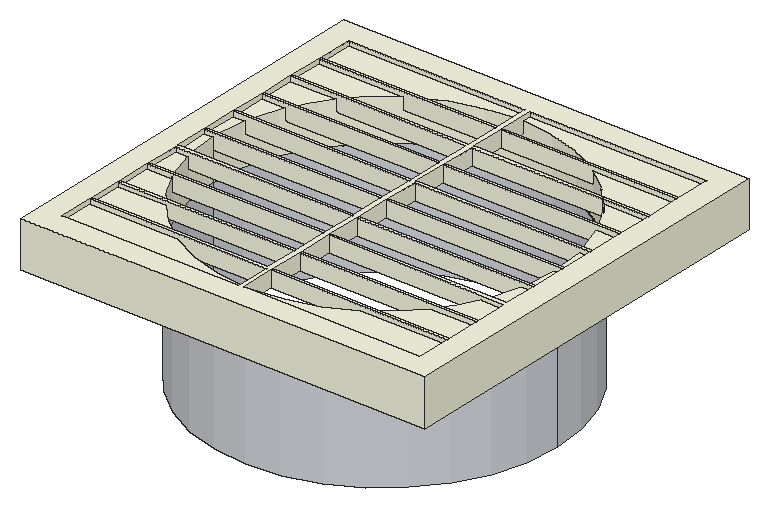
Revit family "CADS_AIRFLOWdev_AirTerminal_SquareExternalGrille_Exhaust", category Air Terminals, host Face, Revit 2015
Parameters (values of type "180 x 180 x 150mm Dia - Beige")
  WorkExecutionLevel = "N/A"
  WeeklyMaintenance = "N/A"
  WarrantyStartDate [instance] = "N/A"
  WarrantyPeriod = "2"
  WarrantyIdentifier = "N/A"
  WarrantyGuarantorParts = "info@airflow.com"
  WarrantyGuarantorLabor = "info@airflow.com"
  WarrantyGuarantor = "Airflow Developments Ltd"
  WarrantyEndDate [instance] = "N/A"
  WarrantyContent = "Replacement of part if faulty"
  Uniclass2015 = "Pr_65_70_46_01"
  TotalSurfaceArea [instance] = 0.0324 m²
  TagNumber [instance] = "N/A"
  Status [instance] = "New"
  Size = "48 x 180 x 180"
  ShippingWeight = 0.018 kg
  Shape = "Rectangular"
  ServiceLifeType = "EXPECTEDSERVICELIFE"
  ServiceLifeDuration = "10"
  SerialNumber [instance] = "N/A"
  ReplacementCost = "9.528"
  QuarterlyMaintenance = "N/A"
  QualityOfComponents = "N/A"
  ProductionYear = "2017"
  ProductLiterature = "N/A"
  PointOfContact = "Airflow Developments Ltd"
  Perimeter [instance] = 720 mm
  OutdoorEnviornment = "N/A"
  OperationAndMaintenanceManual = "N/A"
  NumberOfSlots = 20
  NominalWidth = 180 mm
  NominalLength = 48 mm
  NominalHeight = 180 mm
  NBSCode = "90-75-50/370 Air terminals;"
  MountingType = "SURFACE"
  MonthlyMaintenance = "N/A"
  ModelReference = "52641110"
  ModelLabel = "180 x 180 x 150mm dia. Fixed Grille (Beige)"
  MeanTimeBetweenFailure = "N/A"
  Material = "Plastic"
  ManufacturerWebsite = "www.airflow.com"
  ManufacturerTelephone = "01494 525252"
  ManufacturerE-Mail = "info@airflow.com"
  ManufacturerAddress = "Aidelle House\nLancaster Road\nCressex Business Park\nHigh Wycombe\nBucks\nHP123QP"
  Manufacturer = "Airflow Developments Ltd"
  MaintenanceRequired8001to12000hrs = "N/A"
  MaintenanceRequired601to1000hrs = "N/A"
  MaintenanceRequired4001to8000hrs = "N/A"
  MaintenanceRequired301to600hrs = "N/A"
  MaintenanceRequired2001to4000hrs = "N/A"
  MaintenanceRequired1001to2000hrs = "N/A"
  MaintenanceRequired0to300hrs = "N/A"
  MaintenanceLevel = "N/A"
  IsExtendedWarranty = no
  IndoorEnviornment = "N/A"
  InUseConditions = "N/A"
  ISO90001 = yes
  ISO140001 = yes
  HasThermalInsulation = no
  HasSoundAttenuator = no
  HasIntegralControl = no
  GrossWeight = 0.015 kg
  Grade = "Virgin"
  GlobalTradeItemNumber = "N/A"
  Fly_Screen = no
  FlowControlType = "NONE"
  Flow [instance] = 0.0 L/s
  Finish = "Matte"
  Features [instance] = "180 x 180 x 150mm dia. Fixed Grille (Beige)"
  FaceType = "LOUVERED"
  External_Grille = CADS_AirFlow_Beige
  Exclusions = "Incorrect Use / Incorrect Installation / Installed by a non-accredited electrician. Customer abuse."
  Dv = D - 2 mm  # 148 mm
  DurationUnit = "Years"
  DesignLevel = "N/A"
  Description = "180 x 180 x 150mm dia. Fixed Grille (Beige)"
  Default Elevation = 1219.2 mm
  DailyMaintenance = "N/A"
  D = 150 mm
  Constituents = "Beige"
  Color = "Beige"
  CodePerformance = "N/A"
  CEApproval = yes
  BespokeTimeFrameMaintenance = "N/A"
  B = 20 mm
  AssetType = "Fixed"
  AssetIdentifier [instance] = "N/A"
  AssemblyPlace = "N/A"
  AnnualMaintenance = "N/A"
  AirflowRateRange = "0-61"
  AccessibilityPerformance = "N/A"
  A = 175 mm
  6MonthlyMaintenance = "Visually inspect system, clean the fan and ducting if necessary"
Types (17, lengths in mm): name | TotalSurfaceArea | Size | ShippingWeight | ReplacementCost | Perimeter | NumberOfSlots | NominalWidth | NominalLength | NominalHeight | ModelReference | ModelLabel | GrossWeight | Fly_Screen | Features | External_Grille | Dv | Description | D | Constituents | Color | A
  (no name) | 0.0324 m² | "48 x 180 x 180" | 0.018 kg | "9.528" | 720 | 20 | 180 | 48 | 180 | "52641110" | "180 x 180 x 150mm dia. Fixed Grille (Beige)" | 0.015 kg | no | "180 x 180 x 150mm dia. Fixed Grille (Beige)" | CADS_AirFlow_Beige | 148 | "180 x 180 x 150mm dia. Fixed Grille (Beige)" | 150 | "Beige" | "Beige" | 175
  140 x 140 x 100mm Dia - White | 0.0196 m² | "46 x 140 x 140" | 0.012 kg | "4.752" | 560 | 20 | 140 | 46 | 140 | "52641101" | "140 x 140 x 100mm dia. Fixed Grille (White) No F/S" | 0.01 kg | no | "140 x 140 x 100mm dia. Fixed Grille (White) No F/S" | CADS_AirFlow_White | 98 | "140 x 140 x 100mm dia. Fixed Grille (White) No F/S" | 100 | "White" | "White" | 140
  140 x 140 x 100mm Dia -  Grey | 0.0196 m² | "46 x 140 x 140" | 0.012 kg | "4.752" | 560 | 20 | 140 | 46 | 140 | "52641102" | "140 x 140 x 100mm dia. Fixed Grille (Grey) No F/S" | 0.01 kg | no | "140 x 140 x 100mm dia. Fixed Grille (Grey) No F/S" | CADS_AirFlow_Grey | 98 | "140 x 140 x 100mm dia. Fixed Grille (Grey) No F/S" | 100 | "Grey" | "Grey" | 140
  140 x 140 x 100mm Dia - Terracotta | 0.0196 m² | "46 x 140 x 140" | 0.012 kg | "4.752" | 560 | 20 | 140 | 46 | 140 | "52641103" | "140 x 140 x 100mm dia. Fixed Grille (Terracotta) No F/S" | 0.01 kg | no | "140 x 140 x 100mm dia. Fixed Grille (Terracotta) No F/S" | CADS_AirFlow_Terracotta | 98 | "140 x 140 x 100mm dia. Fixed Grille (Terracotta) No F/S" | 100 | "Terracotta" | "Terracotta" | 140
  140 x 140 x 100mm Dia - Brown | 0.0196 m² | "46 x 140 x 140" | 0.012 kg | "4.752" | 560 | 20 | 140 | 46 | 140 | "52641104" | "140 x 140 x 100mm dia. Fixed Grille (Brown) No F/S" | 0.01 kg | no | "140 x 140 x 100mm dia. Fixed Grille (Brown) No F/S" | CADS_AirFlow_Brown | 98 | "140 x 140 x 100mm dia. Fixed Grille (Brown) No F/S" | 100 | "Brown" | "Brown" | 140
  140 x 140 x 100mm Dia - Beige | 0.0196 m² | "46 x 140 x 140" | 0.012 kg | "4.752" | 560 | 20 | 140 | 46 | 140 | "52641105" | "140 x 140 x 100mm dia. Fixed Grille (Beige) No F/S" | 0.01 kg | no | "140 x 140 x 100mm dia. Fixed Grille (Beige) No F/S" | CADS_AirFlow_Beige | 98 | "140 x 140 x 100mm dia. Fixed Grille (Beige) No F/S" | 100 | "Beige" | "Beige" | 140
  140 x 140 x 100mm Dia - Brown With F/S | 0.0196 m² | "46 x 140 x 140" | 0.012 kg | "6.348" | 560 | 20 | 140 | 46 | 140 | "9021012" | "140 x 140 x 100mm dia. Fixed Grille (Brown) with F/S" | 0.01 kg | yes | "140 x 140 x 100mm dia. Fixed Grille (Brown) with F/S" | CADS_AirFlow_Brown | 98 | "140 x 140 x 100mm dia. Fixed Grille (Brown) with F/S" | 100 | "Brown" | "Brown" | 140
  140 x 140 x 100mm Dia - Terracotta With F/S | 0.0196 m² | "47 x 140 x 140" | 0.012 kg | "6.348" | 560 | 20 | 150 | 46 | 150 | "9021082" | "140 x 140 x 100mm dia. Fixed Grille (Terracotta) with F/S" | 0.01 kg | yes | "140 x 140 x 100mm dia. Fixed Grille (Terracotta) with F/S" | CADS_AirFlow_Terracotta | 98 | "140 x 140 x 100mm dia. Fixed Grille (Terracotta) with F/S" | 100 | "Terracotta" | "Terracotta" | 140
  150 x 150 x 100mm Dia - White With F/S | 0.0225 m² | "46 x 150 x 150" | 0.012 kg | "7.944" | 600 | 20 | 140 | 46 | 140 | "9021172" | "150 x 150 x 100mm dia. Fixed Grille (White) with F/S" | 0.01 kg | yes | "150 x 150 x 100mm dia. Fixed Grille (White) with F/S" | CADS_AirFlow_White | 98 | "150 x 150 x 100mm dia. Fixed Grille (White) with F/S" | 100 | "White" | "White" | 150
  160 x 160 x 125mm Dia -Terracotta | 0.0256 m² | "39 x 160 x 160" | 0.012 kg | "6.828" | 640 | 62 | 160 | 39 | 160 | "9041223" | "160 x 160 x 125mm dia. Fixed Grille (Terracotta) No F/S" | 0.01 kg | no | "160 x 160 x 125mm dia. Fixed Grille (Terracotta) No F/S" | CADS_AirFlow_Terracotta | 123 | "160 x 160 x 125mm dia. Fixed Grille (Terracotta) No F/S" | 125 | "Terracotta" | "Terracotta" | 160
  160 x 160 x 125mm Dia - Brown | 0.0256 m² | "39 x 160 x 160" | 0.012 kg | "6.828" | 640 | 20 | 160 | 39 | 160 | "9041222" | "160 x 160 x 125mm dia. Fixed Grille (Brown) No F/S" | 0.01 kg | no | "160 x 160 x 125mm dia. Fixed Grille (Brown) No F/S" | CADS_AirFlow_Brown | 123 | "160 x 160 x 125mm dia. Fixed Grille (Brown) No F/S" | 125 | "Brown" | "Brown" | 160
  160 x 160 x 125mm Dia - White | 0.0256 m² | "39 x 160 x 160" | 0.012 kg | "6.828" | 640 | 20 | 160 | 39 | 160 | "9041221" | "160 x 160 x 125mm dia. Fixed Grille (White) No F/S" | 0.01 kg | no | "160 x 160 x 125mm dia. Fixed Grille (White) No F/S" | CADS_AirFlow_White | 123 | "160 x 160 x 125mm dia. Fixed Grille (White) No F/S" | 125 | "White" | "White" | 160
  180 x 180 x 150mm Dia - White | 0.0324 m² | "48 x 180 x 180" | 0.018 kg | "9.528" | 720 | 20 | 180 | 48 | 180 | "52641106" | "180 x 180 x 150mm dia. Fixed Grille (White)" | 0.015 kg | no | "180 x 180 x 150mm dia. Fixed Grille (White)" | CADS_AirFlow_White | 148 | "180 x 180 x 150mm dia. Fixed Grille (White)" | 150 | "White" | "White" | 175
  180 x 180 x 150mm Dia - Grey | 0.0324 m² | "48 x 180 x 180" | 0.018 kg | "9.528" | 720 | 20 | 180 | 48 | 180 | "52641107" | "180 x 180 x 150mm dia. Fixed Grille (Grey)" | 0.015 kg | no | "180 x 180 x 150mm dia. Fixed Grille (Grey)" | CADS_AirFlow_Grey | 148 | "180 x 180 x 150mm dia. Fixed Grille (Grey)" | 150 | "Grey" | "Grey" | 175
  180 x 180 x 150mm Dia - Terracotta | 0.0324 m² | "48 x 180 x 180" | 0.018 kg | "9.528" | 720 | 20 | 180 | 48 | 180 | "52641108" | "180 x 180 x 150mm dia. Fixed Grille (Terracotta)" | 0.015 kg | no | "180 x 180 x 150mm dia. Fixed Grille (Terracotta)" | CADS_AirFlow_Terracotta | 148 | "180 x 180 x 150mm dia. Fixed Grille (Terracotta)" | 150 | "Terracotta" | "Terracotta" | 175
  180 x 180 x 150mm Dia - Brown | 0.0324 m² | "48 x 180 x 180" | 0.018 kg | "9.528" | 720 | 20 | 180 | 48 | 180 | "52641109" | "180 x 180 x 150mm dia. Fixed Grille (Brown)" | 0.015 kg | no | "180 x 180 x 150mm dia. Fixed Grille (Brown)" | CADS_AirFlow_Brown | 148 | "180 x 180 x 150mm dia. Fixed Grille (Brown)" | 150 | "Brown" | "Brown" | 175
  180 x 180 x 150mm Dia - Beige | 0.0324 m² | "48 x 180 x 180" | 0.018 kg | "9.528" | 720 | 20 | 180 | 48 | 180 | "52641110" | "180 x 180 x 150mm dia. Fixed Grille (Beige)" | 0.015 kg | no | "180 x 180 x 150mm dia. Fixed Grille (Beige)" | CADS_AirFlow_Beige | 148 | "180 x 180 x 150mm dia. Fixed Grille (Beige)" | 150 | "Beige" | "Beige" | 175
Reference planes
  plane 1 "Center (Front/Back)": y = 0
  plane 2: z = 0
  plane 3 "Center (Left/Right)": x = 0
  plane 4: x = -87.5
  plane 5: x = 87.5
  plane 6: y = 87.5
  plane 7: y = -87.5
  plane 8: z = 20
  plane 9: z = 18
  plane 10: z = -50
  plane 11: x = -77.5
  plane 12: x = 77.5
  plane 13: y = 77.5
  plane 14: y = -77.5
  plane 15: y = 62
  plane 16: y = 62.5
  plane 17: y = 61.5
  plane 18: y = 46.5
  plane 19: y = 47
  plane 20: y = 46
  plane 21: y = 31
  plane 22: y = 31.5
  plane 23: y = 30.5
  plane 24: y = 15.5
  plane 25: y = 16
  plane 26: y = 15
  plane 27: y = -15.5
  plane 28: y = -15
  plane 29: y = -16
  plane 30: y = -31
  plane 31: y = -30.5
  plane 32: y = -31.5
  plane 33: y = -46.5
  plane 34: y = -46
  plane 35: y = -47
  plane 36: y = -62
  plane 37: y = -61.5
  plane 38: y = -62.5
  plane 39: y = 0.5
  plane 40: y = -0.5
  plane 41: x = -1
  plane 42: x = 1
  plane 43: z = 13
  plane 44: y = 25.833
  plane 45: y = -25.833
Forms (mm)
  Extrusion 1, solid, material "CADS_AirFlow_Beige" <- "External_Grille", detail levels medium+fine
    sketch origin (0, 0, 0) x (1, 0, 0) y (0, 1, 0)
      loop
        line (-87.5, 87.5) -> (-87.5, -87.5) -> (87.5, -87.5) -> (87.5, 87.5) -> (-87.5, 87.5)
    from 0 to 18
  Extrusion 2, solid, material "CADS_AirFlow_Beige" <- "External_Grille", detail levels medium+fine
    sketch origin (0, 0, 0) x (1, 0, 0) y (0, 1, 0)
      loop
        line (-77.5, 77.5) -> (-77.5, -77.5) -> (77.5, -77.5) -> (77.5, 77.5) -> (-77.5, 77.5)
    from 13 to 20
  Extrusion 3, solid
    sketch origin (0, 0, 0) x (1, 0, 0) y (0, 1, 0)
      loop
        circle (0, 0) r 75
    from -50 to 0
  Extrusion 4, void, detail levels medium+fine
    sketch origin (0, 0, 0) x (1, 0, 0) y (0, 1, 0)
      loop
        circle (0, 0) r 74
    from -50 to 18
  Extrusion 5, void, detail levels medium+fine
    sketch origin (0, 0, 0) x (1, 0, 0) y (0, 1, 0)
      loop
        line (-77.5, 77.5) -> (-77.5, 62.5) -> (-1, 62.5) -> (-1, 77.5) -> (-77.5, 77.5)
      loop
        line (-77.5, 61.5) -> (-77.5, 47) -> (-1, 47) -> (-1, 61.5) -> (-77.5, 61.5)
      loop
        line (-77.5, 46) -> (-77.5, 31.5) -> (-1, 31.5) -> (-1, 46) -> (-77.5, 46)
      loop
        line (-77.5, 30.5) -> (-77.5, 16) -> (-1, 16) -> (-1, 30.5) -> (-77.5, 30.5)
      loop
        line (-77.5, 15) -> (-77.5, 0.5) -> (-1, 0.5) -> (-1, 15) -> (-77.5, 15)
      loop
        line (-77.5, -0.5) -> (-77.5, -15) -> (-1, -15) -> (-1, -0.5) -> (-77.5, -0.5)
      loop
        line (-77.5, -16) -> (-77.5, -30.5) -> (-1, -30.5) -> (-1, -16) -> (-77.5, -16)
      loop
        line (-77.5, -31.5) -> (-77.5, -46) -> (-1, -46) -> (-1, -31.5) -> (-77.5, -31.5)
      loop
        line (-77.5, -47) -> (-77.5, -61.5) -> (-1, -61.5) -> (-1, -47) -> (-77.5, -47)
      loop
        line (-77.5, -62.5) -> (-77.5, -77.5) -> (-1, -77.5) -> (-1, -62.5) -> (-77.5, -62.5)
      loop
        line (1, 77.5) -> (1, 62.5) -> (77.5, 62.5) -> (77.5, 77.5) -> (1, 77.5)
      loop
        line (1, 61.5) -> (1, 47) -> (77.5, 47) -> (77.5, 61.5) -> (1, 61.5)
      loop
        line (1, 46) -> (1, 31.5) -> (77.5, 31.5) -> (77.5, 46) -> (1, 46)
      loop
        line (1, 30.5) -> (1, 16) -> (77.5, 16) -> (77.5, 30.5) -> (1, 30.5)
      loop
        line (1, 15) -> (1, 0.5) -> (77.5, 0.5) -> (77.5, 15) -> (1, 15)
      loop
        line (1, -0.5) -> (1, -15) -> (77.5, -15) -> (77.5, -0.5) -> (1, -0.5)
      loop
        line (1, -16) -> (1, -30.5) -> (77.5, -30.5) -> (77.5, -16) -> (1, -16)
      loop
        line (1, -31.5) -> (1, -46) -> (77.5, -46) -> (77.5, -31.5) -> (1, -31.5)
      loop
        line (1, -47) -> (1, -61.5) -> (77.5, -61.5) -> (77.5, -47) -> (1, -47)
      loop
        line (1, -62.5) -> (1, -77.5) -> (77.5, -77.5) -> (77.5, -62.5) -> (1, -62.5)
    from 13 to 20
  Extrusion 6, solid, material "CADS_AirFlow_Beige" <- "External_Grille", detail levels medium+fine
    sketch origin (0, 0, 0) x (1, 0, 0) y (0, 1, 0)
      loop
        line (-87.5, 87.5) -> (-87.5, -87.5) -> (87.5, -87.5) -> (87.5, 87.5) -> (-87.5, 87.5)
      loop
        line (-77.5, 77.5) -> (-77.5, -77.5) -> (77.5, -77.5) -> (77.5, 77.5) -> (-77.5, 77.5)
    from 18 to 20
  Extrusion 7, solid, material "CADS_AirFlow_Beige" <- "External_Grille", detail levels coarse
    sketch origin (0, 0, 0) x (1, 0, 0) y (0, 1, 0)
      loop
        line (-87.5, 87.5) -> (-87.5, -87.5) -> (87.5, -87.5) -> (87.5, 87.5) -> (-87.5, 87.5)
    from 0 to 20
Cuts and joins
  Extrusion 4 cuts Extrusion 3
  Extrusion 4 cuts Extrusion 1
  Extrusion 5 cuts Extrusion 2
  joined: Extrusion 1, Extrusion 2, Extrusion 6
Lines and regions (mm)
  reference lines
    curve 1: line (0, 77.5, 20) -> (0, 22.281, 25.312)
    curve 2: line (0, 25.833, 19.837) -> (0, -31.886, 25.312)
    curve 3: line (0, -25.833, 19.675) -> (0, -83.719, 25.312)
Dimensions and locks
  equal spacing: plane 4, plane 3 "Center (Left/Right)", plane 5
  equal spacing: plane 6, plane 1 "Center (Front/Back)", plane 7
  "A": plane 4 to plane 5
  "A": plane 6 to plane 7
  "B": plane 8 to level
  locked: plane 8 to plane 9 at 2
  locked: level to plane 10 at 50
  locked: plane 6 to plane 13 at 10
  locked: plane 14 to plane 7 at 10
  locked: plane 12 to plane 5 at 10
  locked: plane 4 to plane 11 at 10
  plane 16 to plane 15 to plane 17 = 0.5 mm locked, 0.5 mm locked
  plane 19 to plane 18 to plane 20 = 0.5 mm locked, 0.5 mm locked
  plane 22 to plane 21 to plane 23 = 0.5 mm locked, 0.5 mm locked
  plane 25 to plane 24 to plane 26 = 0.5 mm locked, 0.5 mm locked
  plane 28 to plane 27 to plane 29 = 0.5 mm locked, 0.5 mm locked
  plane 31 to plane 30 to plane 32 = 0.5 mm locked, 0.5 mm locked
  plane 34 to plane 33 to plane 35 = 0.5 mm locked, 0.5 mm locked
  plane 37 to plane 36 to plane 38 = 0.5 mm locked, 0.5 mm locked
  plane 40 to plane 1 "Center (Front/Back)" to plane 39 = 0.5 mm locked, 0.5 mm locked
  plane 41 to plane 3 "Center (Left/Right)" to plane 42 = 1 mm locked, 1 mm locked
  equal spacing: plane 1 "Center (Front/Back)", plane 27, plane 30, plane 33, plane 36, plane 14
  equal spacing: plane 1 "Center (Front/Back)", plane 24, plane 21, plane 18, plane 15, plane 13
  locked: plane 9 to plane 43 at 5
  equal spacing: plane 13, plane 44, plane 45, plane 14
  "D": diameter of Extrusion 3 sketch curve
  "Dv": diameter of Extrusion 4 sketch curve
  aligned and locked: plane 2 to host face
  aligned and locked: level to host face
  aligned and locked: Extrusion 1 sketch curve to plane 6
  aligned and locked: Extrusion 1 sketch curve to plane 5
  aligned and locked: Extrusion 3 to plane 10
  aligned and locked: level to Extrusion 3
  aligned and locked: plane 8 to Extrusion 2
  aligned and locked: Extrusion 1 to level
  aligned and locked: plane 9 to Extrusion 1
  aligned and locked: Extrusion 3 to Extrusion 4
  aligned and locked: plane 9 to Extrusion 4
  aligned and locked: plane 11 to Extrusion 2 sketch curve
  aligned and locked: plane 14 to Extrusion 2 sketch curve
  aligned and locked: Extrusion 2 sketch curve to plane 12
  aligned and locked: Extrusion 2 sketch curve to plane 13
  aligned and locked: plane 11 to Extrusion 5 sketch curve  (x10)
  aligned and locked: Extrusion 5 sketch curve to plane 13  (x2)
  aligned and locked: plane 16 to Extrusion 5 sketch curve  (x2)
  aligned and locked: Extrusion 5 sketch curve to plane 17  (x2)
  aligned and locked: plane 19 to Extrusion 5 sketch curve  (x2)
  aligned and locked: Extrusion 5 sketch curve to plane 20  (x2)
  aligned and locked: plane 22 to Extrusion 5 sketch curve  (x2)
  aligned and locked: Extrusion 5 sketch curve to plane 23  (x2)
  aligned and locked: plane 25 to Extrusion 5 sketch curve  (x2)
  aligned and locked: Extrusion 5 sketch curve to plane 26  (x2)
  aligned and locked: plane 39 to Extrusion 5 sketch curve  (x2)
  aligned and locked: plane 40 to Extrusion 5 sketch curve  (x2)
  aligned and locked: plane 28 to Extrusion 5 sketch curve  (x2)
  aligned and locked: Extrusion 5 sketch curve to plane 29  (x2)
  aligned and locked: plane 31 to Extrusion 5 sketch curve  (x2)
  aligned and locked: Extrusion 5 sketch curve to plane 32  (x2)
  aligned and locked: plane 34 to Extrusion 5 sketch curve  (x2)
  aligned and locked: Extrusion 5 sketch curve to plane 35  (x2)
  aligned and locked: plane 37 to Extrusion 5 sketch curve  (x2)
  aligned and locked: Extrusion 5 sketch curve to plane 38  (x2)
  aligned and locked: plane 14 to Extrusion 5 sketch curve  (x2)
  aligned and locked: Extrusion 5 sketch curve to plane 41  (x10)
  aligned and locked: Extrusion 5 sketch curve to plane 42  (x10)
  aligned and locked: Extrusion 5 sketch curve to plane 12  (x10)
  aligned and locked: plane 8 to Extrusion 5
  aligned and locked: plane 4 to Extrusion 6 sketch curve
  aligned and locked: Extrusion 6 sketch curve to plane 5
  aligned and locked: plane 11 to Extrusion 6 sketch curve
  aligned and locked: plane 14 to Extrusion 6 sketch curve
  aligned and locked: Extrusion 6 to plane 9
  aligned and locked: plane 8 to Extrusion 6
  aligned and locked: Extrusion 2 to plane 43
  aligned and locked: Extrusion 5 to Extrusion 2
  aligned and locked: Extrusion 7 sketch curve to plane 6
  aligned and locked: plane 7 to Extrusion 7 sketch curve
  aligned and locked: plane 8 to Extrusion 7
  aligned and locked: plane 13 to curve 1
  aligned and locked: plane 44 to curve 2
  aligned and locked: plane 45 to curve 3
Automatic sketch dimensions
  host sketch curve to host sketch curve = 2438.4 mm  (x2)
  Extrusion 1 sketch curve to plane 4 = 0 mm
  Extrusion 1 sketch curve to plane 7 = 0 mm
  Extrusion 6 sketch curve to plane 12 = 0 mm
  Extrusion 6 sketch curve to plane 7 = 0 mm
  Extrusion 6 sketch curve to plane 13 = 0 mm
  Extrusion 6 sketch curve to plane 6 = 0 mm
  Extrusion 7 sketch curve to plane 4 = 0 mm
  Extrusion 7 sketch curve to plane 5 = 0 mm
  curve 1 to plane 8 = 0 mm
  curve 2 to plane 32 = 0.386 mm
  plane 7 to curve 3 = 3.781 mm
  curve 1 to plane 44 = 3.553 mm
  curve 2 to plane 8 = 0.163 mm
  curve 3 to plane 8 = 0.325 mm
  plane 8 to curve 2 = 5.312 mm
  plane 8 to curve 3 = 5.312 mm
  plane 8 to curve 1 = 5.312 mm
  plane 1 "Center (Front/Back)" to Extrusion 3 sketch curve = 0 mm
  Extrusion 3 sketch curve to plane 3 "Center (Left/Right)" = 0 mm
  plane 1 "Center (Front/Back)" to Extrusion 4 sketch curve = 0 mm
  Extrusion 4 sketch curve to plane 3 "Center (Left/Right)" = 0 mm
Connectors
  hvac at (0, 0, 0), driven by "D", driven by "Flow"
    settings: on cut or joined group of Extrusion 3, Extrusion 4, index 1, duct flow 0.0 L/s, flow factor 0, pres drop 0.0 Pa, loss coef 0, conn angle 0.00°, conn width 304.8 mm, conn height 304.8 mm, conn diameter 150 mm, duct sys type 3, conn prof type 0, flow config 0, flow direction 1, loss method 0, conn ref index -1, conn util no, is conn primary yes, conn desc ""
